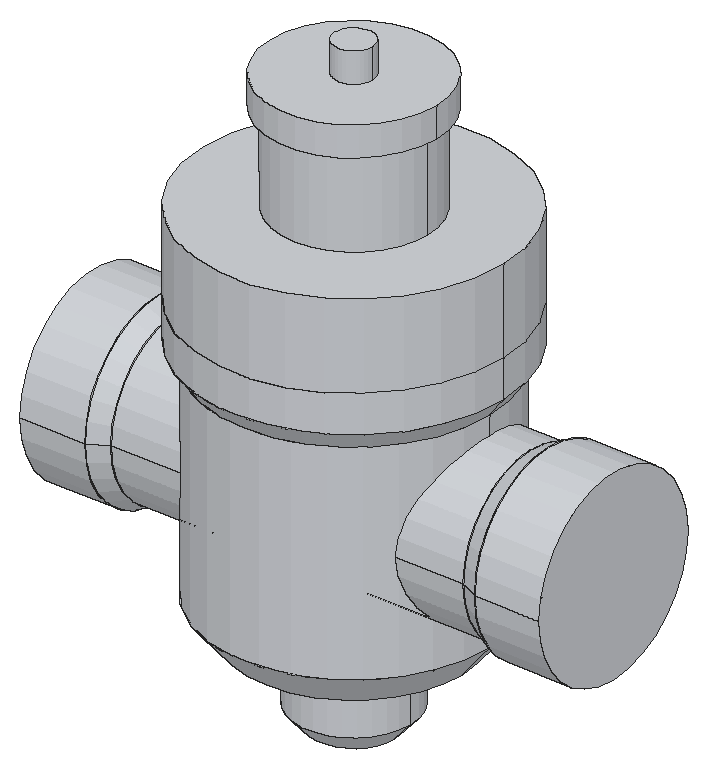
Revit family "VSX21P_DN20_PN16_RFA_2018", category Pipe Accessories, Revit 2018
Family settings
  Round Connector Dimension = Use Diameter
  Part Type = Valve - Breaks Into
  Work Plane-Based = No
  Always vertical = Yes
  Cut with Voids When Loaded = No
  Shared = No
Parameters (values of type "VSX21P G3/4  PN16 kvs2,5")
  magiProductId = ""
  magiProductFamilyId = ""
  magiPartTypeId = 306
  isMeasuringValve [instance] = no
  ang2D [instance] = 0.00°
  Z8 = 4 mm
  Z7__ve = -Z7  # -3.2 mm
  Z7 = 3.2 mm
  Z5 = 9.1 mm
  Z3 = 2 mm
  Z2 = 4.8 mm
  Z1 = 3.6 mm
  X4__ve = -X4  # -7 mm
  X4 = 7 mm
  X3 = 38 mm
  W2D = 15 mm
  VersionID = ""
  Use Minimum Symbol Size [instance] = yes
  URL = "www.hydronix.cz"
  Type Comments = "Závitový, vnější závit, ploché těsnění; LIN charakteristika; PN16; +5~+95°C; max.rychlost proudění 3,0 m/s"
  R9 = 9 mm
  R8 = 2 mm
  R7 = 16.17 mm
  R6 = 11.76 mm
  R5 = 7.409 mm
  R4 = 6.174 mm
  R3 = 4.41 mm
  R2 = 14.7 mm
  R10 = 8 mm
  R1 = 9 mm
  QmdConnectorList = "301;D;302;D"
  Productdata [instance] = ""
  Manufacturer = "Hydronix"
  MC Product Code = "VSX21P (G3/4\"; dpmax=150kPa; kvs 2,5)"
  LT2 = 21 mm
  L2D_Min = 3048 mm
  L2D = 38 mm
  H1 = 22.5 mm
  H = 26 mm
  E = 16 mm
  Description = "2 cestný regulační ventil malých spotřebičů, DN20; zdvih 2,5mm; max dp 150kPa; kvs2,5"
  DT2 = 10 mm
  D = 20 mm
  CAT0 = yes
  C = 24 mm
Types (8, lengths in mm): name | Z5 | Z2 | Z1 | X3 | R7 | R6 | R5 | R4 | R3 | R2 | R1 | MC Product Code | LT2 | H | Description | DT2 | D | C
  VSX09P G1/2  PN16 kvs0,25 | 9.45 | 4.6 | 3.45 | 34 | 14.63 | 10.64 | 6.703 | 5.586 | 3.99 | 13.3 | 6.75 | "VSX09P (G1/2\"; dpmax=250kPa; kvs 0,25)" | 19 | 27 | "2 cestný regulační ventil malých spotřebičů, DN15; zdvih 2,5mm; max dp 250kPa; kvs0,25" | 7.5 | 15 | 23
  VSX10P G1/2  PN16 kvs0,4 | 9.45 | 4.6 | 3.45 | 34 | 14.63 | 10.64 | 6.703 | 5.586 | 3.99 | 13.3 | 6.75 | "VSX10P (G1/2\"; dpmax=250kPa; kvs 0,4)" | 19 | 27 | "2 cestný regulační ventil malých spotřebičů, DN15; zdvih 2,5mm; max dp 250kPa; kvs0,4" | 7.5 | 15 | 23
  VSX11P G1/2  PN16 kvs0,6 | 9.45 | 4.6 | 3.45 | 34 | 14.63 | 10.64 | 6.703 | 5.586 | 3.99 | 13.3 | 6.75 | "VSX11P (G1/2\"; dpmax=250kPa; kvs 0,6)" | 19 | 27 | "2 cestný regulační ventil malých spotřebičů, DN15; zdvih 2,5mm; max dp 250kPa; kvs0,6" | 7.5 | 15 | 23
  VSX12P G1/2  PN16 kvs1,0 | 9.45 | 4.6 | 3.45 | 34 | 14.63 | 10.64 | 6.703 | 5.586 | 3.99 | 13.3 | 6.75 | "VSX12P (G1/2\"; dpmax=250kPa; kvs 1,0)" | 19 | 27 | "2 cestný regulační ventil malých spotřebičů, DN15; zdvih 2,5mm; max dp 250kPa; kvs1,0" | 7.5 | 15 | 23
  VSX13P G1/2  PN16 kvs1,6 | 9.45 | 4.6 | 3.45 | 34 | 14.63 | 10.64 | 6.703 | 5.586 | 3.99 | 13.3 | 6.75 | "VSX13P (G1/2\"; dpmax=250kPa; kvs 1,6)" | 19 | 27 | "2 cestný regulační ventil malých spotřebičů, DN15; zdvih 2,5mm; max dp 250kPa; kvs1,6" | 7.5 | 15 | 23
  VSX21P G3/4  PN16 kvs2,5 | 9.1 | 4.8 | 3.6 | 38 | 16.17 | 11.76 | 7.409 | 6.174 | 4.41 | 14.7 | 9 | "VSX21P (G3/4\"; dpmax=150kPa; kvs 2,5)" | 21 | 26 | "2 cestný regulační ventil malých spotřebičů, DN20; zdvih 2,5mm; max dp 150kPa; kvs2,5" | 10 | 20 | 24
  VSX24P G3/4  PN16 kvs4,0 | 9.1 | 4.8 | 3.6 | 38 | 16.17 | 11.76 | 7.409 | 6.174 | 4.41 | 14.7 | 9 | "VSX24P (G3/4\"; dpmax=150kPa; kvs 4,0)" | 21 | 26 | "2 cestný regulační ventil malých spotřebičů, DN20; zdvih 2,5mm; max dp 150kPa; kvs4,0" | 10 | 20 | 24
  VSX26P G3/4  PN16 kvs6,0 | 9.1 | 4.8 | 3.6 | 38 | 16.17 | 11.76 | 7.409 | 6.174 | 4.41 | 14.7 | 9 | "VSX26P (G3/4\"; dpmax=150kPa; kvs 6,0)" | 21 | 26 | "2 cestný regulační ventil malých spotřebičů, DN20; zdvih 2,5mm; max dp 150kPa; kvs6,0" | 10 | 20 | 24
Reference planes
  plane 1 "Center (Front/Back)": y = 0
  plane 2 "XYPLANE": z = 0
  plane 3 "Center (Left/Right)": x = 0
  plane 4 "271": z = 35.6
  plane 5 "254": z = 10.9
  plane 6 "253": z = 16.9
  plane 7 "148": z = 38.8
  plane 8 "132": z = 42
  plane 9 "62": z = 12.9
  plane 10 "53": z = 26
  plane 11 "52": z = -11.6
  plane 12 "48": z = -15.2
  plane 13 "47": z = -17.2
  plane 14 "38": z = -22
  plane 15 "37": x = 19
  plane 16 "36": x = 21
  plane 17 "23": z = -24
  plane 18 "19": x = -19
  plane 19 "15": x = -21
  plane 20 "6": x = 28
  plane 21 "5": x = -28
  plane 22 "3": z = 0
  plane 23 "2": y = 0
  plane 24 "1": x = 0
Forms (mm)
  Extrusion 1, solid, visible <- "CAT0"
    sketch origin (-750, 0, 42) x (1, 0, 0) y (0, 1, 0)
      loop
        circle (750, 0) r 2
    from 0 to -3.2 <- "Z7__ve"
  Extrusion 2, solid, visible <- "CAT0"
    sketch origin (-750, 0, 35.6) x (1, 0, 0) y (0, 1, 0)
      loop
        circle (750, 0) r 8
    from 0 to -19
  Extrusion 3, solid, visible <- "CAT0"
    sketch origin (-19, -750, 0) x (0, 1, 0) y (0, 0, 1)
      loop
        circle (750, 0) r 9
    from 0 to 38 <- "X3"
  Extrusion 4, solid
    sketch origin (-750, 0, 12.9) x (1, 0, 0) y (0, 1, 0)
      loop
        circle (750, 0) r 16.17
    from 0 to 4 <- "Z8"
  Extrusion 5, solid
    sketch origin (-750, 0, 38.8) x (1, 0, 0) y (0, 1, 0)
      loop
        circle (750, 0) r 9
    from 0 to -3.2 <- "Z7__ve"
  Extrusion 6, solid
    sketch origin (-750, 0, 16.9) x (1, 0, 0) y (0, 1, 0)
      loop
        circle (750, 0) r 16.17
    from 0 to 9.1 <- "Z5"
  Blend 7, solid
    base sketch origin (-750, 0, 10.9) x (1, 0, 0) y (0, 1, 0)
      loop
        circle (750, 0) r 14.7
    top sketch origin (-750, 0, 10.9) x (1, 0, 0) y (0, 1, 0)
      loop
        circle (750, 0) r 16.17
    from 0 to 2
  Blend 8, solid
    base sketch origin (-750, 0, -11.6) x (1, 0, 0) y (0, 1, 0)
      loop
        circle (750, 0) r 14.7
    top sketch origin (-750, 0, -11.6) x (1, 0, 0) y (0, 1, 0)
      loop
        circle (750, 0) r 11.76
    from 0 to -3.6
  Blend 9, solid
    base sketch origin (-750, 0, -15.2) x (1, 0, 0) y (0, 1, 0)
      loop
        circle (750, 0) r 7.409
    top sketch origin (-750, 0, -15.2) x (1, 0, 0) y (0, 1, 0)
      loop
        circle (750, 0) r 6.174
    from 0 to -2
  Extrusion 10, solid
    sketch origin (-750, 0, -22) x (1, 0, 0) y (0, 1, 0)
      loop
        circle (750, 0) r 6.174
    from 0 to 4.8 <- "Z2"
  Blend 11, solid
    base sketch origin (-750, 0, -24) x (1, 0, 0) y (0, 1, 0)
      loop
        circle (750, 0) r 4.41
    top sketch origin (-750, 0, -24) x (1, 0, 0) y (0, 1, 0)
      loop
        circle (750, 0) r 6.174
    from 0 to 2
  Extrusion 12, solid
    sketch origin (28, -750, 0) x (0, 1, 0) y (0, 0, 1)
      loop
        circle (750, 0) r 10
    from 0 to -7 <- "X4__ve"
  Blend 13, solid
    base sketch origin (21, -750, 0) x (0, 1, 0) y (0, 0, 1)
      loop
        circle (750, 0) r 10
    top sketch origin (21, -750, 0) x (0, 1, 0) y (0, 0, 1)
      loop
        circle (750, 0) r 9
    from 0 to -2
  Extrusion 14, solid
    sketch origin (-750, 0, -11.6) x (1, 0, 0) y (0, 1, 0)
      loop
        circle (750, 0) r 14.7
    from 0 to 22.5 <- "H1"
  Blend 15, solid
    base sketch origin (-21, -750, 0) x (0, 1, 0) y (0, 0, 1)
      loop
        circle (750, 0) r 10
    top sketch origin (-21, -750, 0) x (0, 1, 0) y (0, 0, 1)
      loop
        circle (750, 0) r 9
    from 0 to 2
  Extrusion 16, solid
    sketch origin (-28, -750, 0) x (0, 1, 0) y (0, 0, 1)
      loop
        circle (750, 0) r 10
    from 0 to 7 <- "X4"
  Extrusion 17, solid, not visible
    sketch origin (21, -750, 0) x (0, 1, 0) y (0, 0, 1)
      loop
        circle (750, 0) r 10
    from 0 to -10
  Extrusion 18, solid, not visible
    sketch origin (-21, -750, 0) x (0, 1, 0) y (0, 0, 1)
      loop
        circle (750, 0) r 10
    from 0 to 10
Lines and regions (mm)
  reference lines, not visible
    curve 1: circle (2, 2, 0) r 1 normal (0, 0, 1)
Dimensions and locks
  plane 1 "Center (Front/Back)" to curve 1 = 2 mm
  "Z7": plane 7 "148" to plane 4 "271"
  "Z3": plane 9 "62" to plane 5 "254"
  "Z5": plane 10 "53" to plane 6 "253"
  "Z7": plane 8 "132" to plane 7 "148"
  "E": plane 10 "53" to plane 8 "132"
  "Z8": plane 6 "253" to plane 9 "62"
  "H": plane 2 "XYPLANE" to plane 10 "53"
  "Z1": plane 12 "48" to plane 11 "52"
  "Z3": plane 13 "47" to plane 12 "48"
  "Z2": plane 14 "38" to plane 13 "47"
  "Z3": plane 17 "23" to plane 14 "38"
  locked: plane 16 "36" to plane 15 "37" at 2
  "LT2": plane 3 "Center (Left/Right)" to plane 16 "36"
  "C": plane 2 "XYPLANE" to plane 17 "23"
  locked: plane 19 "15" to plane 18 "19" at 2
  "LT2": plane 3 "Center (Left/Right)" to plane 19 "15"
  "X4": plane 16 "36" to plane 20 "6"
  "X4": plane 19 "15" to plane 21 "5"
  locked: plane 2 "XYPLANE" to plane 22 "3"
  locked: plane 1 "Center (Front/Back)" to plane 23 "2"
  locked: plane 3 "Center (Left/Right)" to plane 24 "1"
  "R8": radius of Extrusion 1 sketch curve
  "R10": radius of Extrusion 2 sketch curve
  "R1": radius of Extrusion 3 sketch curve
  "R7": radius of Extrusion 4 sketch curve
  "R9": radius of Extrusion 5 sketch curve
  "R7": radius of Extrusion 6 sketch curve
  "R7": radius of Blend 7 sketch curve
  "R2": radius of Blend 7 sketch curve
  "R6": radius of Blend 8 sketch curve
  "R2": radius of Blend 8 sketch curve
  "R4": radius of Blend 9 sketch curve
  "R5": radius of Blend 9 sketch curve
  "R4": radius of Extrusion 10 sketch curve
  "R4": radius of Blend 11 sketch curve
  "R3": radius of Blend 11 sketch curve
  "DT2": radius of Extrusion 12 sketch curve
  "R1": radius of Blend 13 sketch curve
  "DT2": radius of Blend 13 sketch curve
  "R2": radius of Extrusion 14 sketch curve
  "R1": radius of Blend 15 sketch curve
  "DT2": radius of Blend 15 sketch curve
  "DT2": radius of Extrusion 16 sketch curve
  aligned and locked: level to plane 2 "XYPLANE"
  aligned and locked: plane 23 "2" to Extrusion 1 sketch curve
  aligned and locked: plane 24 "1" to Extrusion 1 sketch curve
  aligned and locked: plane 23 "2" to Extrusion 2 sketch curve
  aligned and locked: plane 24 "1" to Extrusion 2 sketch curve
  aligned and locked: plane 22 "3" to Extrusion 3 sketch curve
  aligned and locked: Extrusion 3 sketch curve to plane 23 "2"
  aligned and locked: plane 23 "2" to Extrusion 4 sketch curve
  aligned and locked: plane 24 "1" to Extrusion 4 sketch curve
  aligned and locked: plane 23 "2" to Extrusion 5 sketch curve
  aligned and locked: plane 24 "1" to Extrusion 5 sketch curve
  aligned and locked: plane 23 "2" to Extrusion 6 sketch curve
  aligned and locked: plane 24 "1" to Extrusion 6 sketch curve
  aligned and locked: plane 23 "2" to Blend 7 sketch curve  (x2)
  aligned and locked: plane 24 "1" to Blend 7 sketch curve  (x2)
  aligned and locked: plane 9 "62" to Blend 7
  aligned and locked: plane 23 "2" to Blend 8 sketch curve  (x2)
  aligned and locked: plane 24 "1" to Blend 8 sketch curve  (x2)
  aligned and locked: Blend 8 to plane 12 "48"
  aligned and locked: plane 23 "2" to Blend 9 sketch curve  (x2)
  aligned and locked: plane 24 "1" to Blend 9 sketch curve  (x2)
  aligned and locked: Blend 9 to plane 13 "47"
  aligned and locked: plane 23 "2" to Extrusion 10 sketch curve
  aligned and locked: plane 24 "1" to Extrusion 10 sketch curve
  aligned and locked: plane 23 "2" to Blend 11 sketch curve  (x2)
  aligned and locked: plane 24 "1" to Blend 11 sketch curve  (x2)
  aligned and locked: plane 14 "38" to Blend 11
  aligned and locked: plane 22 "3" to Extrusion 12 sketch curve
  aligned and locked: Extrusion 12 sketch curve to plane 23 "2"
  aligned and locked: plane 22 "3" to Blend 13 sketch curve  (x2)
  aligned and locked: Blend 13 sketch curve to plane 23 "2"  (x2)
  aligned and locked: Blend 13 to plane 15 "37"
  aligned and locked: plane 23 "2" to Extrusion 14 sketch curve
  aligned and locked: plane 24 "1" to Extrusion 14 sketch curve
  aligned and locked: plane 22 "3" to Blend 15 sketch curve  (x2)
  aligned and locked: Blend 15 sketch curve to plane 23 "2"  (x2)
  aligned and locked: plane 18 "19" to Blend 15
  aligned and locked: plane 22 "3" to Extrusion 16 sketch curve
  aligned and locked: Extrusion 16 sketch curve to plane 23 "2"
  aligned and locked: plane 22 "3" to Extrusion 17 sketch curve
  aligned and locked: Extrusion 17 sketch curve to plane 23 "2"
  aligned and locked: plane 22 "3" to Extrusion 18 sketch curve
  aligned and locked: Extrusion 18 sketch curve to plane 23 "2"
Automatic sketch dimensions
  plane 1 "Center (Front/Back)" to Extrusion 17 sketch curve = 10 mm
  plane 1 "Center (Front/Back)" to Extrusion 18 sketch curve = 10 mm
  plane 3 "Center (Left/Right)" to curve 1 = 2 mm
  radius of curve 1 = 1 mm
Connectors
  piping at (-21, 0, 0), diameter 20, driven by "D"
    settings: on Extrusion 18, index 1, connector inside diameter 609.6 mm, connector length 0 mm, flow factor 0, pipe flow 0.0 L/s, pressure drop 0.0 Pa, fitting loss kfactor 0, connector angle 0.00°, fixture units 0, engagement length 0 mm, angle of deflection 0.00°, flow configuration 0, flow direction 0, fitting loss method 0, system type 29, joint type 0, gender type 0, connector reference index 2, connector utility 0, adjustable connector no, is connector primary yes, connector description ""
  piping at (21, 0, 0), diameter 20, driven by "D"
    settings: on Extrusion 17, index 2, connector inside diameter 609.6 mm, connector length 0 mm, flow factor 0, pipe flow 0.0 L/s, pressure drop 0.0 Pa, fitting loss kfactor 0, connector angle 0.00°, fixture units 0, engagement length 0 mm, angle of deflection 0.00°, flow configuration 0, flow direction 0, fitting loss method 0, system type 29, joint type 0, gender type 0, connector reference index 1, connector utility 0, adjustable connector no, is connector primary no, connector description ""
